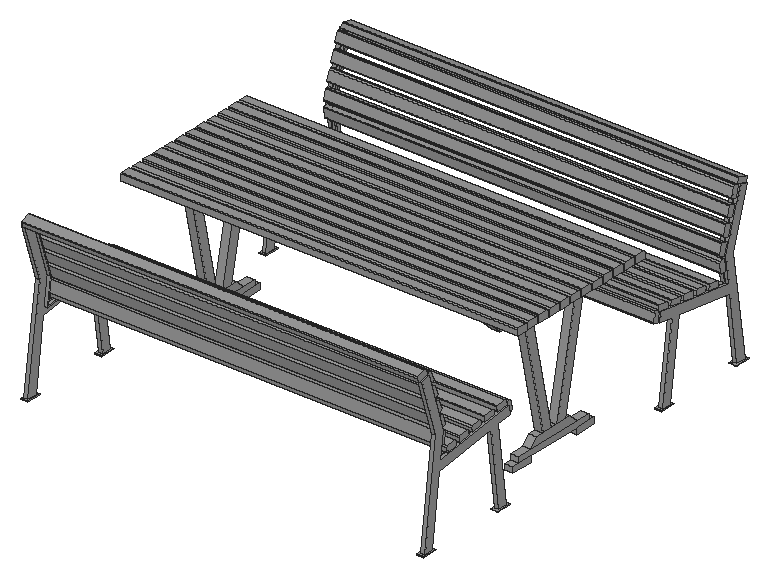
Revit family "6681 Комплект садовой мебели «Модерн Мини» Хоббика", category Антураж, Revit 2018
Family settings
  На основе рабочей плоскости = Нет
  Всегда вертикально = Да
  При загрузке вырезать с полостями = Нет
  Источник визуального образа = Геометрия семейства
  Общий = Нет
  Точка расчета площади = Нет
Parameters (values of type "Версия 2,0 м")
  Ширина стола = 780 mm  # constant formula
  Ширина скамейки = 600 mm  # constant formula
  Цвет отделки = Дерево
  Цвет опор = Сталь
  Средняя опора = ([Версия 3,0 м])  # no
  Описание = if([Версия 1,5 м], "Комплект садовой мебели «Модерн Мини». Версия 1,5 м", if([Версия 1,8 м], "Комплект садовой мебели «Модерн Мини». Версия 1,8 м", if([Версия 2,0 м], "Комплект садовой мебели «Модерн Мини». Версия 2,0 м", "Комплект садовой мебели «Модерн Мини». Версия 3,0 м")))  # "Комплект садовой мебели «Модерн Мини». Версия 2,0 м"
  Материал изделия = "Сталь, дерево"  # constant formula
  Изображение типоразмера = Комплект садовой мебели «Модерн Мини» Арт 6681.jpg
  Изготовитель = "ООО «Хоббика»"  # constant formula
  Длина = if([Версия 1,5 м], 1500 mm, if([Версия 1,8 м], 1800 mm, if([Версия 2,0 м], 2000 mm, 3000 mm)))  # 2000 mm
  Группа модели = "Комплекты садовой мебели"  # constant formula
  Высота стола = 760 mm  # constant formula
  Высота скамейки = 840 mm  # constant formula
  Высота = 0 mm
  Версия 3,0 м = no
  Версия 2,0 м = yes
  Версия 1,8 м = no
  Версия 1,5 м = no
  Артикул товара = "Арт. 6681"  # constant formula
  URL = "https://hobbyka.ru/product/komplekt_sadovoi_mebeli_modern_mini"
Types (5, lengths in mm): name | Средняя опора | Описание | Длина | Версия 3,0 м | Версия 2,0 м | Версия 1,8 м | Версия 1,5 м
  (no name) | no | "Комплект садовой мебели «Модерн Мини». Версия 2,0 м" | 2000 | no | yes | no | no
  Версия 1,5 м | no | "Комплект садовой мебели «Модерн Мини». Версия 1,5 м" | 1500 | no | no | no | yes
  Версия 1,8 м | no | "Комплект садовой мебели «Модерн Мини». Версия 1,8 м" | 1800 | no | no | yes | no
  Версия 2,0 м | no | "Комплект садовой мебели «Модерн Мини». Версия 2,0 м" | 2000 | no | yes | no | no
  Версия 3,0 м | yes | "Комплект садовой мебели «Модерн Мини». Версия 3,0 м" | 3000 | yes | no | no | no
Reference planes
  plane 1 "По центру (Вперед/Назад)": y = 0
  plane 2: z = 0
  plane 3 "По центру (Влево/Вправо)": x = 0
  plane 4: y = 2080
  plane 5: x = 2000
  plane 6: z = 760
Forms (mm)
  Extrusion 1, solid, material "Дерево" <- "Цвет отделки"
    sketch origin (0, 0, 0) x (0, 1, 0) y (0, 0, 1)
      loop
        line (1378.85, 760) -> (1374.2, 755.35) -> (1374.2, 725) -> (1430, 725) -> (1430, 755.35) -> (1425.35, 760) -> (1378.85, 760)
    from 0 to 2000
  Extrusion 2, solid, material "Дерево" <- "Цвет отделки"
    sketch origin (0, -744.2, 0) x (0, 1, 0) y (0, 0, 1)
      loop
        line (1378.85, 760) -> (1374.2, 755.35) -> (1374.2, 725) -> (1430, 725) -> (1430, 755.35) -> (1425.35, 760) -> (1378.85, 760)
    from 0 to 2000
  Extrusion 3, solid, material "Дерево" <- "Цвет отделки"
    sketch origin (0, -67.655, 0) x (0, 1, 0) y (0, 0, 1)
      loop
        line (1378.85, 760) -> (1374.2, 755.35) -> (1374.2, 725) -> (1430, 725) -> (1430, 755.35) -> (1425.35, 760) -> (1378.85, 760)
    from 0 to 2000
  Extrusion 4, solid, material "Дерево" <- "Цвет отделки"
    sketch origin (0, -135.309, 0) x (0, 1, 0) y (0, 0, 1)
      loop
        line (1378.85, 760) -> (1374.2, 755.35) -> (1374.2, 725) -> (1430, 725) -> (1430, 755.35) -> (1425.35, 760) -> (1378.85, 760)
    from 0 to 2000
  Extrusion 5, solid, material "Дерево" <- "Цвет отделки"
    sketch origin (0, -202.964, 0) x (0, 1, 0) y (0, 0, 1)
      loop
        line (1378.85, 760) -> (1374.2, 755.35) -> (1374.2, 725) -> (1430, 725) -> (1430, 755.35) -> (1425.35, 760) -> (1378.85, 760)
    from 0 to 2000
  Extrusion 6, solid, material "Дерево" <- "Цвет отделки"
    sketch origin (0, -270.618, 0) x (0, 1, 0) y (0, 0, 1)
      loop
        line (1378.85, 760) -> (1374.2, 755.35) -> (1374.2, 725) -> (1430, 725) -> (1430, 755.35) -> (1425.35, 760) -> (1378.85, 760)
    from 0 to 2000
  Extrusion 7, solid, material "Дерево" <- "Цвет отделки"
    sketch origin (0, -338.273, 0) x (0, 1, 0) y (0, 0, 1)
      loop
        line (1378.85, 760) -> (1374.2, 755.35) -> (1374.2, 725) -> (1430, 725) -> (1430, 755.35) -> (1425.35, 760) -> (1378.85, 760)
    from 0 to 2000
  Extrusion 8, solid, material "Дерево" <- "Цвет отделки"
    sketch origin (0, -405.927, 0) x (0, 1, 0) y (0, 0, 1)
      loop
        line (1378.85, 760) -> (1374.2, 755.35) -> (1374.2, 725) -> (1430, 725) -> (1430, 755.35) -> (1425.35, 760) -> (1378.85, 760)
    from 0 to 2000
  Extrusion 9, solid, material "Дерево" <- "Цвет отделки"
    sketch origin (0, -473.582, 0) x (0, 1, 0) y (0, 0, 1)
      loop
        line (1378.85, 760) -> (1374.2, 755.35) -> (1374.2, 725) -> (1430, 725) -> (1430, 755.35) -> (1425.35, 760) -> (1378.85, 760)
    from 0 to 2000
  Extrusion 10, solid, material "Дерево" <- "Цвет отделки"
    sketch origin (0, -541.236, 0) x (0, 1, 0) y (0, 0, 1)
      loop
        line (1378.85, 760) -> (1374.2, 755.35) -> (1374.2, 725) -> (1430, 725) -> (1430, 755.35) -> (1425.35, 760) -> (1378.85, 760)
    from 0 to 2000
  Extrusion 11, solid, material "Дерево" <- "Цвет отделки"
    sketch origin (0, -608.891, 0) x (0, 1, 0) y (0, 0, 1)
      loop
        line (1378.85, 760) -> (1374.2, 755.35) -> (1374.2, 725) -> (1430, 725) -> (1430, 755.35) -> (1425.35, 760) -> (1378.85, 760)
    from 0 to 2000
  Extrusion 12, solid, material "Дерево" <- "Цвет отделки"
    sketch origin (0, -676.545, 0) x (0, 1, 0) y (0, 0, 1)
      loop
        line (1378.85, 760) -> (1374.2, 755.35) -> (1374.2, 725) -> (1430, 725) -> (1430, 755.35) -> (1425.35, 760) -> (1378.85, 760)
    from 0 to 2000
Dimensions and locks
  "Длина": plane 3 "По центру (Влево/Вправо)" to plane 5
  plane 4 to plane 1 "По центру (Вперед/Назад)" = 2080 mm
  locked: plane 3 "По центру (Влево/Вправо)" to nested 3 at 150
  locked: nested 4 to plane 5 at 150
  equal spacing: plane 3 "По центру (Влево/Вправо)", nested 5, plane 5
  aligned and locked: level to plane 2
  aligned and locked: plane 5 to nested 1
  aligned and locked: nested 2 to plane 5
  aligned and locked: plane 1 "По центру (Вперед/Назад)" to nested 2
  aligned and locked: plane 4 to nested 1
  aligned and locked: Extrusion 1 to plane 3 "По центру (Влево/Вправо)"
  aligned and locked: plane 5 to Extrusion 1
  aligned and locked: plane 5 to Extrusion 2
  aligned and locked: plane 5 to Extrusion 12
  aligned and locked: plane 5 to Extrusion 11
  aligned and locked: plane 5 to Extrusion 10
  aligned and locked: plane 5 to Extrusion 9
  aligned and locked: plane 5 to Extrusion 8
  aligned and locked: plane 5 to Extrusion 7
  aligned and locked: plane 5 to Extrusion 6
  aligned and locked: plane 5 to Extrusion 5
  aligned and locked: plane 5 to Extrusion 4
  aligned and locked: plane 5 to Extrusion 3
Automatic sketch dimensions
  Extrusion 1 sketch curve to Extrusion 1 sketch curve = 0 mm
  Extrusion 1 sketch curve to Extrusion 1 sketch curve = 4.65 mm  (x5)
  Extrusion 1 sketch curve to Extrusion 1 sketch curve = 46.5 mm
  Extrusion 1 sketch curve to Extrusion 1 sketch curve = 30.35 mm  (x2)
  Extrusion 2 sketch curve to Extrusion 2 sketch curve = 0 mm
  Extrusion 2 sketch curve to Extrusion 2 sketch curve = 4.65 mm  (x5)
  Extrusion 2 sketch curve to Extrusion 2 sketch curve = 46.5 mm
  Extrusion 2 sketch curve to Extrusion 2 sketch curve = 30.35 mm  (x2)
  Extrusion 3 sketch curve to Extrusion 3 sketch curve = 0 mm
  Extrusion 3 sketch curve to Extrusion 3 sketch curve = 4.65 mm  (x5)
  Extrusion 3 sketch curve to Extrusion 3 sketch curve = 46.5 mm
  Extrusion 3 sketch curve to Extrusion 3 sketch curve = 30.35 mm  (x2)
  Extrusion 4 sketch curve to Extrusion 4 sketch curve = 0 mm
  Extrusion 4 sketch curve to Extrusion 4 sketch curve = 4.65 mm  (x5)
  Extrusion 4 sketch curve to Extrusion 4 sketch curve = 46.5 mm
  Extrusion 4 sketch curve to Extrusion 4 sketch curve = 30.35 mm  (x2)
  Extrusion 5 sketch curve to Extrusion 5 sketch curve = 0 mm
  Extrusion 5 sketch curve to Extrusion 5 sketch curve = 4.65 mm  (x5)
  Extrusion 5 sketch curve to Extrusion 5 sketch curve = 46.5 mm
  Extrusion 5 sketch curve to Extrusion 5 sketch curve = 30.35 mm  (x2)
  Extrusion 6 sketch curve to Extrusion 6 sketch curve = 0 mm
  Extrusion 6 sketch curve to Extrusion 6 sketch curve = 4.65 mm  (x5)
  Extrusion 6 sketch curve to Extrusion 6 sketch curve = 46.5 mm
  Extrusion 6 sketch curve to Extrusion 6 sketch curve = 30.35 mm  (x2)
  Extrusion 7 sketch curve to Extrusion 7 sketch curve = 0 mm
  Extrusion 7 sketch curve to Extrusion 7 sketch curve = 4.65 mm  (x5)
  Extrusion 7 sketch curve to Extrusion 7 sketch curve = 46.5 mm
  Extrusion 7 sketch curve to Extrusion 7 sketch curve = 30.35 mm  (x2)
  Extrusion 8 sketch curve to Extrusion 8 sketch curve = 0 mm
  Extrusion 8 sketch curve to Extrusion 8 sketch curve = 4.65 mm  (x5)
  Extrusion 8 sketch curve to Extrusion 8 sketch curve = 46.5 mm
  Extrusion 8 sketch curve to Extrusion 8 sketch curve = 30.35 mm  (x2)
  Extrusion 9 sketch curve to Extrusion 9 sketch curve = 0 mm
  Extrusion 9 sketch curve to Extrusion 9 sketch curve = 4.65 mm  (x5)
  Extrusion 9 sketch curve to Extrusion 9 sketch curve = 46.5 mm
  Extrusion 9 sketch curve to Extrusion 9 sketch curve = 30.35 mm  (x2)
  Extrusion 10 sketch curve to Extrusion 10 sketch curve = 0 mm
  Extrusion 10 sketch curve to Extrusion 10 sketch curve = 4.65 mm  (x5)
  Extrusion 10 sketch curve to Extrusion 10 sketch curve = 46.5 mm
  Extrusion 10 sketch curve to Extrusion 10 sketch curve = 30.35 mm  (x2)
  Extrusion 11 sketch curve to Extrusion 11 sketch curve = 0 mm
  Extrusion 11 sketch curve to Extrusion 11 sketch curve = 4.65 mm  (x5)
  Extrusion 11 sketch curve to Extrusion 11 sketch curve = 46.5 mm
  Extrusion 11 sketch curve to Extrusion 11 sketch curve = 30.35 mm  (x2)
  Extrusion 12 sketch curve to Extrusion 12 sketch curve = 0 mm
  Extrusion 12 sketch curve to Extrusion 12 sketch curve = 4.65 mm  (x5)
  Extrusion 12 sketch curve to Extrusion 12 sketch curve = 46.5 mm
  Extrusion 12 sketch curve to Extrusion 12 sketch curve = 30.35 mm  (x2)
  Extrusion 1 sketch curve to plane 6 = 35 mm
  Extrusion 1 sketch curve to plane 4 = 705.8 mm
  Extrusion 2 sketch curve to plane 6 = 35 mm
  Extrusion 2 sketch curve to plane 1 "По центру (Вперед/Назад)" = 630 mm
  Extrusion 3 sketch curve to plane 6 = 35 mm
  Extrusion 3 sketch curve to plane 4 = 773.455 mm
  Extrusion 4 sketch curve to plane 6 = 35 mm
  Extrusion 4 sketch curve to plane 4 = 841.109 mm
  Extrusion 5 sketch curve to plane 6 = 35 mm
  Extrusion 5 sketch curve to plane 4 = 908.764 mm
  Extrusion 6 sketch curve to plane 6 = 35 mm
  Extrusion 6 sketch curve to plane 4 = 976.418 mm
  Extrusion 7 sketch curve to plane 6 = 35 mm
  Extrusion 7 sketch curve to plane 1 "По центру (Вперед/Назад)" = 1035.927 mm
  Extrusion 8 sketch curve to plane 6 = 35 mm
  Extrusion 8 sketch curve to plane 1 "По центру (Вперед/Назад)" = 968.273 mm
  Extrusion 9 sketch curve to plane 6 = 35 mm
  Extrusion 9 sketch curve to plane 1 "По центру (Вперед/Назад)" = 900.618 mm
  Extrusion 10 sketch curve to plane 6 = 35 mm
  Extrusion 10 sketch curve to plane 1 "По центру (Вперед/Назад)" = 832.964 mm
  Extrusion 11 sketch curve to plane 6 = 35 mm
  Extrusion 11 sketch curve to plane 1 "По центру (Вперед/Назад)" = 765.309 mm
  Extrusion 12 sketch curve to plane 6 = 35 mm
  Extrusion 12 sketch curve to plane 1 "По центру (Вперед/Назад)" = 697.655 mm
Nested families
  nested 1: "Скамейка стальная «Модерн» без подлокотников" at (0, 1480, 0), type "Лавка"
    with Средняя опора no, Длина 2000 mm
  nested 2: "Скамейка стальная «Модерн» без подлокотников" at (2000, 600, 0) x (-1, 0, 0) z (0, 0, 1), type "Лавка"
    with Средняя опора no, Длина 2000 mm
  nested 3: "Стол модерн опора" at (150, 650, 0), type "Стол модерн опора"
  nested 4: "Стол модерн опора" at (1850, 630, 0), type "Стол модерн опора"
  nested 5: "Стол модерн опора" at (1000, 650, 0), visible <- "Средняя опора", type "Стол модерн опора"
Definition of nested family "Скамейка стальная «Модерн» без подлокотников"
  Parameters (values of type "Лавка")
    Ширина = 600 mm  # constant formula
    Цвет сидения = none
    Цвет каркаса = none
    Средняя опора = (Длина = 3000 mm)  # yes
    Description = ""
    Материал изделия = ""
    Type Image = (empty or 0)
    Manufacturer = ""
    Длина = 3000 mm
    Model = ""
    Height = 840 mm  # constant formula
    Артикул товара = ""
    URL = ""
  Reference planes
    plane 1 "По центру (Вперед/Назад)": y = 0
    plane 2: z = 0
    plane 3 "По центру (Влево/Вправо)": x = 0
    plane 4: x = 3000
    plane 5: y = 600
    plane 6: z = 840
  Dimensions and locks
    "Ширина": plane 5 to plane 1 "По центру (Вперед/Назад)"
    "Длина": plane 3 "По центру (Влево/Вправо)" to plane 4
    "Height": plane 6 to level
    equal spacing: plane 3 "По центру (Влево/Вправо)", nested 15, plane 4
    plane 6 to level = 840 mm
    aligned and locked: level to plane 2
    aligned and locked: nested 16 to nested 15
    aligned and locked: plane 4 to nested 2
    aligned and locked: plane 3 "По центру (Влево/Вправо)" to nested 7
    aligned and locked: nested 9 to nested 10
    aligned and locked: nested 8 to nested 10
    aligned and locked: nested 6 to nested 10
    aligned and locked: nested 5 to nested 10
    aligned and locked: nested 4 to nested 10
    aligned and locked: nested 11 to nested 7
    aligned and locked: nested 12 to nested 7
    aligned and locked: nested 13 to nested 7
    aligned and locked: nested 14 to nested 7
  Nested families
    nested 1: "Скамейка стальная «Модерн» опора без ручки" at (0, 40, 0), type "Скамейка стальная «Модерн» опора без ручки"
    nested 2: "Скамейка стальная «Модерн» опора без ручки" at (3000, 40, 0) x (-1, 0, 0) z (0, 0, 1), type "Скамейка стальная «Модерн» опора без ручки"
    nested 3: "Скамейка стальная «Модерн» доска" at (0, 37.295, 425.8) x (1, 0, 0) z (0, -0.9903, 0.1392), type "Скамейка стальная «Модерн» доска"
      with Длина доски 3000 mm
    nested 4: "Скамейка стальная «Модерн» доска" at (0, 384.531, 396.624) x (1, 0, 0) z (0, 0.1392, 0.9903), type "Скамейка стальная «Модерн» доска"
      with Длина доски 3000 mm
    nested 5: "Скамейка стальная «Модерн» доска" at (0, 457.027, 472.995) x (1, 0, 0) z (0, -0.9903, -0.1392), type "Скамейка стальная «Модерн» доска"
      with Длина доски 3000 mm
    nested 6: "Скамейка стальная «Модерн» доска" at (0, 459.462, 543.548) x (1, 0, 0) z (0, -0.9511, 0.309), type "Скамейка стальная «Модерн» доска"
      with Длина доски 3000 mm
    nested 7: "Скамейка стальная «Модерн» доска" at (0, 565.189, 795.707) x (1, 0, 0) z (0, 0.309, 0.9511), type "Скамейка стальная «Модерн» доска"
      with Длина доски 3000 mm
    nested 8: "Скамейка стальная «Модерн» доска" at (0, 484.184, 619.632) x (1, 0, 0) z (0, -0.9511, 0.309), type "Скамейка стальная «Модерн» доска"
      with Длина доски 3000 mm
    nested 9: "Скамейка стальная «Модерн» доска" at (0, 508.906, 695.717) x (1, 0, 0) z (0, -0.9511, 0.309), type "Скамейка стальная «Модерн» доска"
      with Длина доски 3000 mm
    nested 10: "Скамейка стальная «Модерн» доска" at (0, 533.627, 771.801) x (1, 0, 0) z (0, -0.9511, 0.309), type "Скамейка стальная «Модерн» доска"
      with Длина доски 3000 mm
    nested 11: "Скамейка стальная «Модерн» доска" at (0, 305.31, 407.758) x (1, 0, 0) z (0, 0.1392, 0.9903), type "Скамейка стальная «Модерн» доска"
      with Длина доски 3000 mm
    nested 12: "Скамейка стальная «Модерн» доска" at (0, 226.088, 418.892) x (1, 0, 0) z (0, 0.1392, 0.9903), type "Скамейка стальная «Модерн» доска"
      with Длина доски 3000 mm
    nested 13: "Скамейка стальная «Модерн» доска" at (0, 146.867, 430.026) x (1, 0, 0) z (0, 0.1392, 0.9903), type "Скамейка стальная «Модерн» доска"
      with Длина доски 3000 mm
    nested 14: "Скамейка стальная «Модерн» доска" at (0, 67.645, 441.161) x (1, 0, 0) z (0, 0.1392, 0.9903), type "Скамейка стальная «Модерн» доска"
      with Длина доски 3000 mm
    nested 15: "Скамейка стальная «Модерн» опора центральная" at (1500, 40, 0), type "Скамейка стальная «Модерн» опора центральная", not visible
    nested 16: "Скамейка стальная «Модерн» опора центральная" at (1500, 40, 0), visible <- "Средняя опора", type "Скамейка стальная «Модерн» опора центральная"
  Definition of nested family "Скамейка стальная «Модерн» опора без ручки"
    Parameters (values of type "Скамейка стальная «Модерн» опора без ручки")
      Цвет каркаса = none
      Height = 0 mm
    Reference planes
      plane 1 "По центру (Вперед/Назад)": y = 0
      plane 2: z = 0
      plane 3 "По центру (Влево/Вправо)": x = 0
    Forms (mm)
      Extrusion 1, solid, material <- "Цвет каркаса"
        sketch origin (0, 0, 0) x (0, 1, 0) y (0, 0, 1)
          loop
            line (13.235, 3) -> (58.678, 3) -> (112.2, 383.834) -> (435.953, 338.333) -> (483.081, 3) -> (528.523, 3) -> (456.849, 512.988) -> (546.464, 788.794) -> (503.666, 802.7) -> (410.841, 517.013) -> (429.438, 384.691) -> (0, 445.045) -> (-6.263, 400.483) -> (67.638, 390.096) -> (13.235, 3)
        from -10 to 10
      Extrusion 2, solid, material <- "Цвет каркаса"
        sketch origin (-308, 0, 0) x (1, 0, 0) y (0, 1, 0)
          loop
            line (326, 467.409) -> (326, 542.909) -> (290, 542.909) -> (290, 467.409) -> (326, 467.409)
          loop
            line (326, 75.5) -> (290, 75.5) -> (290, 0) -> (326, 0) -> (326, 75.5)
        from 0 to 3
      Extrusion 3, solid, material <- "Цвет каркаса"
        sketch origin (0, 0, 0) x (0, 1, 0) y (0, 0, 1)
          loop
            line (410.841, 517.013) -> (429.438, 384.691) -> (0, 445.045) -> (-6.263, 400.483) -> (-4.282, 400.204) -> (1.702, 442.786) -> (431.787, 382.341) -> (412.886, 516.834) -> (504.95, 800.18) -> (545.846, 786.892) -> (546.464, 788.794) -> (503.666, 802.7) -> (410.841, 517.013)
        from 10 to 30
    Dimensions and locks
      aligned and locked: level to plane 2
      aligned and locked: Extrusion 3 to Extrusion 1
  Definition of nested family "Скамейка стальная «Модерн» доска"
    Parameters (values of type "Скамейка стальная «Модерн» доска")
      Цвет сидения = none
      Default Elevation = 1219.2 mm
      Длина доски = 1300 mm
      Height = 0 mm
    Types (2): name
      Скамейка стальная «Модерн» доска
      Скамейка стальная «Модерн» доска поручень
    Reference planes
      plane 1 "По центру (Вперед/Назад)": y = 0
      plane 2: z = 0
      plane 3 "По центру (Влево/Вправо)": x = 0
      plane 4: x = 1300
    Forms (mm)
      Extrusion 1, solid, material <- "Цвет сидения"
        sketch origin (0, 336.473, -339.298) x (0, 0.987836, 0.155497) y (0, -0.155497, 0.987836)
          loop
            line (-307.181, 391.83) -> (-252.06, 383.153) -> (-248.445, 406.118) -> (-252.315, 411.435) -> (-298.25, 418.666) -> (-303.566, 414.795) -> (-307.181, 391.83)
        from 0 to 1300
    Dimensions and locks
      "Длина доски": plane 3 "По центру (Влево/Вправо)" to plane 4
      aligned and locked: level to plane 2
      aligned and locked: Extrusion 1 to plane 3 "По центру (Влево/Вправо)"
      aligned and locked: plane 4 to Extrusion 1
    Automatic sketch dimensions
      Extrusion 1 sketch curve to level = 0 mm  (x2)
      plane 1 "По центру (Вперед/Назад)" to Extrusion 1 sketch curve = 27.9 mm
      Extrusion 1 sketch curve to Extrusion 1 sketch curve = 3.615 mm
      Extrusion 1 sketch curve to Extrusion 1 sketch curve = 5.317 mm  (x2)
      Extrusion 1 sketch curve to Extrusion 1 sketch curve = 45.934 mm
      Extrusion 1 sketch curve to Extrusion 1 sketch curve = 0.255 mm
      Extrusion 1 sketch curve to Extrusion 1 sketch curve = 3.87 mm  (x2)
      Extrusion 1 sketch curve to Extrusion 1 sketch curve = 22.965 mm  (x2)
  Definition of nested family "Скамейка стальная «Модерн» опора центральная"
    Parameters (values of type "Скамейка стальная «Модерн» опора центральная")
      Цвет каркаса = none
      Height = 0 mm
    Reference planes
      plane 1 "По центру (Вперед/Назад)": y = 0
      plane 2: z = 0
      plane 3 "По центру (Влево/Вправо)": x = 0
    Forms (mm)
      Extrusion 1, solid, material <- "Цвет каркаса"
        sketch origin (0, 0, 0) x (0, 1, 0) y (0, 0, 1)
          loop
            line (13.235, 3) -> (58.678, 3) -> (112.2, 383.834) -> (435.953, 338.333) -> (483.081, 3) -> (528.523, 3) -> (456.849, 512.988) -> (546.464, 788.794) -> (503.666, 802.7) -> (410.841, 517.013) -> (429.438, 384.691) -> (0, 445.045) -> (-6.263, 400.483) -> (67.638, 390.096) -> (13.235, 3)
        from -10 to 10
      Extrusion 2, solid, material <- "Цвет каркаса"
        sketch origin (-308, 0, 0) x (1, 0, 0) y (0, 1, 0)
          loop
            line (326, 467.409) -> (326, 542.909) -> (290, 542.909) -> (290, 467.409) -> (326, 467.409)
          loop
            line (326, 75.5) -> (290, 75.5) -> (290, 0) -> (326, 0) -> (326, 75.5)
        from 0 to 3
    Dimensions and locks
      aligned and locked: level to plane 2
Definition of nested family "Стол модерн опора"
  Parameters (values of type "Стол модерн опора")
    Цвет опор = none
    Height = 0 mm
  Reference planes
    plane 1 "По центру (Вперед/Назад)": y = 0
    plane 2: z = 0
    plane 3 "По центру (Влево/Вправо)": x = 0
    plane 4: y = 780
    plane 5: z = 760
  Forms (mm)
    Extrusion 1, solid, material <- "Цвет опор"
      sketch origin (0, 0, 0) x (0, 1, 0) y (0, 0, 1)
        loop
          line (780, 725) -> (0, 725) -> (50, 675) -> (730, 675) -> (780, 725)
        loop
          line (207.291, 625) -> (318.883, 100) -> (370, 100) -> (258.408, 625) -> (207.291, 625)
        loop
          line (572.709, 625) -> (521.592, 625) -> (410, 100) -> (461.117, 100) -> (572.709, 625)
        loop
          line (610, 60) -> (170, 60) -> (170, 30) -> (610, 30) -> (610, 60)
      from -20 to 20
    Extrusion 2, solid, material <- "Цвет опор"
      sketch origin (0, 0, 0) x (0, 1, 0) y (0, 0, 1)
        loop
          line (680, 675) -> (100, 675) -> (150, 625) -> (630, 625) -> (680, 675)
        loop
          line (535, 60) -> (495, 100) -> (285, 100) -> (245, 60) -> (535, 60)
        loop
          line (535, 30) -> (535, 0) -> (645, 0) -> (645, 30) -> (535, 30)
        loop
          line (245, 30) -> (135, 30) -> (135, 0) -> (245, 0) -> (245, 30)
      from 20 to -20
  Dimensions and locks
    plane 5 to level = 760 mm
    plane 4 to plane 1 "По центру (Вперед/Назад)" = 780 mm
    aligned and locked: level to plane 2
